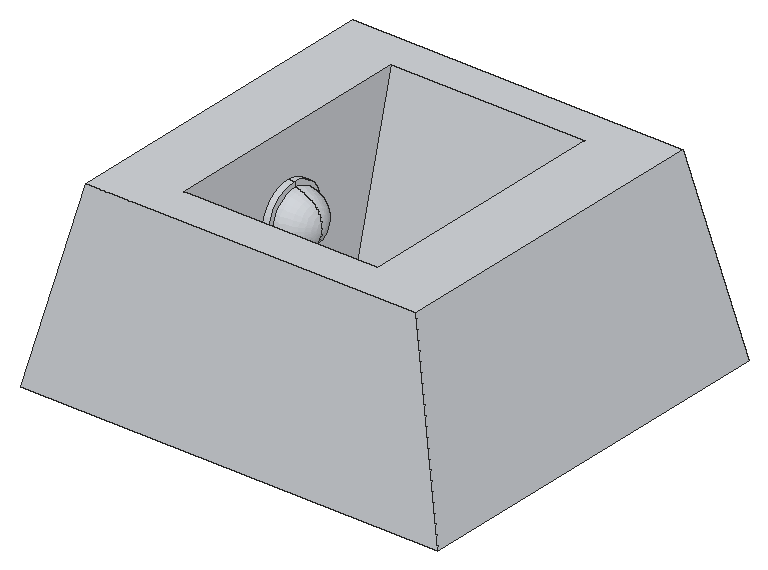
Revit family "WH1847B", category Mechanical Equipment, host Face, Revit 2016
Family settings
  Host = Face
  Part Type = Normal
  Round Connector Dimension = Use Diameter
  OmniClass Number = 23.65.70.14.11
  OmniClass Title = Drinking Fountains/Coolers
  Cut with Voids When Loaded = No
  Shared = Yes
  Room Calculation Point = No
Parameters (values of type "WH1847B")
  Waste Connection = no
  OVERALL SIZE WIDTH = 10.75
  Voltage = 0
  Vent Connection = no
  URL = "https://www.whitehallmfg.com/home"
  Type Comments = ""
  Tempered Water Connection = no
  Revised Date = "10/03/19"
  Phone# = "1.800.782.7706"
  Model = "WH1847B"
  Material = Stainless Steel
  Manufacturer = "Whitehall Mfg"
  OVERALL SIZE HEIGHT = 4.5
  HW Connection = no
  Designed By = "ACORN BIM DESIGN TEAM"
  Description = "Ligature -Resistant Spindle Button Surface Mount Toilet Paper Holder"
  Default Elevation = 36.000"
  OVERALL DEPTH = 10
  CW Connection = no
  Assembly Code = ""
  Amperage = 0
  WH1847B - Ligature -Resistant Spindle Button Surface Mount Toilet Paper Holder = ""
Reference planes (in)
  plane 1 "Center (Front/Back)": y = 0.02607
  plane 2: z = 0
  plane 3 "Center (Left/Right)": x = 0
  plane 4: x = 5.375
  plane 5: x = -5.375
  plane 6: y = 5.02607
  plane 7: y = -4.97393
  plane 8: z = 4.78168
Forms (in)
  Blend 1, solid
    base sketch origin (0, 0, 0) x (1, 0, 0) y (0, 1, 0)
      loop
        line (-5.375, 5.02607) -> (-5.375, -4.97393) -> (5.375, -4.97393) -> (5.375, 5.02607) -> (-5.375, 5.02607)
    top sketch origin (0, 0, 0) x (1, 0, 0) y (0, 1, 0)
      loop
        line (-4.25, 4.32607) -> (-4.25, -4.27393) -> (4.25, -4.27393) -> (4.25, 4.32607) -> (-4.25, 4.32607)
    from 0 to 4.78168
  Extrusion 2, void
    sketch origin (-8.125, -60, 47.78132) x (0, -1, 0) y (0, 0, 1)
      loop
        line (-63.35647, -42.99964) -> (-62.0921, -47.71832) -> (-57.96004, -47.71832) -> (-56.69615, -42.99964) -> (-63.35647, -42.99964)
    from -10.62251 to -5.625
  Revolve 3, solid
    sketch origin (0, 0.02607, 0) x (1, 0, 0) y (0, 0, 1)
      loop
        line (-2.5, 2.78168) -> (-2.5, 1.94735) -> (-2.31227, 1.94735) -> (-2.31227, 2.07457)
        arc (-2.31227, 2.07457) -> (-1.81227, 2.28168) -> (-1.60516, 2.78168) r 0.70711
        line (-1.60516, 2.78168) -> (-2.5, 2.78168)
      axis (-2.5, 2.78168) -> (-1.60516, 2.78168)
    angle from 0 to 360
  Revolve 4, solid
    sketch origin (0, 0.02607, 0) x (-1, 0, 0) y (0, 0, 1)
      loop
        line (-2.5, 2.78168) -> (-2.5, 1.94735) -> (-2.31227, 1.94735) -> (-2.31227, 2.07457)
        arc (-2.31227, 2.07457) -> (-1.81227, 2.28168) -> (-1.60516, 2.78168) r 0.70711
        line (-1.60516, 2.78168) -> (-2.5, 2.78168)
      axis (-2.5, 2.78168) -> (-1.60516, 2.78168)
    angle from 0 to 360
Cuts and joins
  Extrusion 2 cuts Blend 1
Lines and regions (in)
  symbolic lines
    curve 1: line (-9, 3.34657, 4.78168) -> (-9, 3.34657, 5.03168)
    curve 2: line (-9, -3.30385, 4.78168) -> (-9, -3.30385, 4.95436)
Dimensions and locks (in)
  plane 4 to plane 5 = 10.750"
  plane 5 to plane 3 "Center (Left/Right)" = 5.375"
  plane 7 to plane 1 "Center (Front/Back)" = 5.000"
  equal spacing: plane 6, plane 1 "Center (Front/Back)", plane 7
  plane 5 to plane 4 = 10.750"
  equal spacing: plane 5, plane 3 "Center (Left/Right)", plane 4
  equal spacing: Blend 1 sketch curve, plane 1 "Center (Front/Back)", Blend 1 sketch curve  (x2)
  equal spacing: Blend 1 sketch curve, plane 3 "Center (Left/Right)", Blend 1 sketch curve  (x2)
  curve 1 to curve 2 = 6.65042"
  equal spacing: Extrusion 2 sketch curve, plane 1 "Center (Front/Back)", Extrusion 2 sketch curve
  plane 6 to Extrusion 2 sketch curve = 1.6696"
  cut or joined group of Blend 1, Extrusion 2 to cut or joined group of Blend 1, Extrusion 2 = 4.99751"
  aligned and locked: plane 2 to host face
  aligned and locked: level to host face
  aligned and locked: plane 8 to Blend 1
Automatic sketch dimensions
  host sketch curve to host sketch curve = 11.85057"
  host sketch curve to host sketch curve = 11.04171"
  curve 1 to plane 8 = 0.000"
  curve 2 to plane 8 = 0.000"
  plane 8 to curve 1 = 0.250"
  curve 1 to plane 6 = 1.6795"
  curve 2 to curve 2 = 0.17269"
  Blend 1 sketch curve to plane 5 = 0.000"
  Blend 1 sketch curve to plane 7 = 0.000"
  plane 5 to Blend 1 sketch curve = 1.125"
  plane 7 to Blend 1 sketch curve = 0.700"
  Extrusion 2 sketch curve to plane 8 = 0.000"
  level to Extrusion 2 sketch curve = 0.063"
  Extrusion 2 sketch curve to plane 1 "Center (Front/Back)" = 2.06603"
  plane 7 to Extrusion 2 sketch curve = 1.67008"
  Revolve 3 sketch curve to plane 3 "Center (Left/Right)" = 2.500"
  Revolve 3 sketch curve to Revolve 3 sketch curve = 0.18773"
  Revolve 3 sketch curve to Revolve 3 sketch curve = 0.70711"
  level to Revolve 3 sketch curve = 1.94735"
  Revolve 3 sketch curve to Revolve 3 sketch curve = 0.12722"
  Revolve 3 sketch curve to Revolve 3 sketch curve = 0.000"  (x2)
  Revolve 3 sketch curve to Revolve 3 sketch curve = 0.70152"
  Revolve 4 sketch curve to plane 3 "Center (Left/Right)" = 2.500"
  Revolve 4 sketch curve to Revolve 4 sketch curve = 0.18773"
  Revolve 4 sketch curve to Revolve 4 sketch curve = 0.70711"
  Revolve 4 sketch curve to level = 1.94735"
  Revolve 4 sketch curve to Revolve 4 sketch curve = 0.12722"
  Revolve 4 sketch curve to Revolve 4 sketch curve = 0.000"  (x2)
  Revolve 4 sketch curve to Revolve 4 sketch curve = 0.70152"
